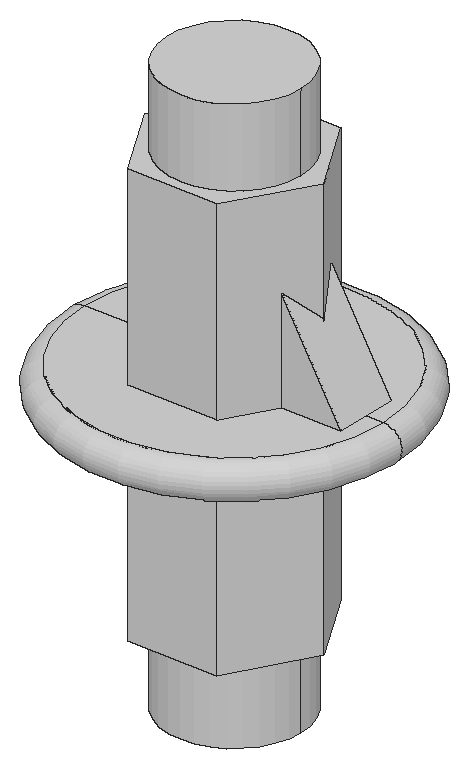
Revit family "EV_WATER STOP DW15_0230004", category Generic Models, Revit 2018
Family settings
  Can host rebar = No
  Round Connector Dimension = Use Diameter
  Part Type = Normal
  OmniClass Number = 35.51.14.00
  OmniClass Title = FORMWORK
  Work Plane-Based = Yes
  Always vertical = No
  Cut with Voids When Loaded = No
  Shared = Yes
  Room Calculation Point = No
Parameters
  VERSION = "20170217"  # constant formula
  URL = "www.ulmaconstruction.com/en"
  UNICLASS = ""
  Manufacturer = "ULMA CONSTRUCTION"  # constant formula
  ITEM_CODE = "0230004"
  FILTER [instance] = ""
  Default Elevation = 0.000 mm
  CLASSIFICATION_TITLE = ""
  CLASSIFICATION_NUMBER = ""
Reference planes
  plane 1 "Centro (Frontal/Posterior)": y = 0
  plane 2: z = 0
  plane 3 "Centro (Izquierda/Derecha)": x = 0
  plane 4: z = 7
Forms (mm)
  Extrusion 1, solid, material "ULMA ZINC", detail levels medium+fine
    sketch origin (0, 0, 0) x (1, 0, 0) y (0, 1, 0)
      loop
        line (8.66, 15) -> (-8.66, 15) -> (-17.321, 0) -> (-8.66, -15) -> (8.66, -15) -> (17.321, 0) -> (8.66, 15)
    from -37.5 to 44.5
  Extrusion 2, solid, material "ULMA ZINC", detail levels medium+fine
    sketch origin (0, 0, 0) x (1, 0, 0) y (0, 1, 0)
      loop
        circle (0, 0) r 13
    from -52.5 to 59.5
  Revolve 3, solid, material "ULMA ZINC", detail levels medium+fine
    sketch origin (0, 0, 0) x (1, 0, 0) y (0, 0, 1)
      loop
        line (0, 7) -> (-29, 7)
        arc (-29, 7) -> (-32.5, 3.5) -> (-29, 0) r 3.5
        line (-29, 0) -> (0, 0) -> (0, 7)
      axis (0, 7) -> (0, 0)
    angle from 0 to 360
  Extrusion 4, solid, material "ULMA ZINC", detail levels medium+fine
    sketch origin (0, 0, 0) x (1, 0, 0) y (0, 0, 1)
      loop
        line (13.856, 7) -> (25.5, 7) -> (13.856, 27) -> (13.856, 7)
    from -6 to 6
Lines and regions (mm)
  model lines, style "ULMA CONSUMABLES", detail levels medium+fine
    curve 1: line (8.66, 15, 0) -> (-8.66, 15, 0)
    curve 2: line (-8.66, 15, 0) -> (-17.321, 0, 0)
    curve 3: line (-17.321, 0, 0) -> (-8.66, -15, 0)
    curve 4: line (-8.66, -15, 0) -> (8.66, -15, 0)
    curve 5: line (8.66, -15, 0) -> (17.321, 0, 0)
    curve 6: line (17.321, 0, 0) -> (8.66, 15, 0)
    curve 7: line (8.66, 15, 7) -> (-8.66, 15, 7)
    curve 8: line (-8.66, 15, 7) -> (-17.321, 0, 7)
    curve 9: line (-17.321, 0, 7) -> (-8.66, -15, 7)
    curve 10: line (-8.66, -15, 7) -> (8.66, -15, 7)
    curve 11: line (8.66, -15, 7) -> (17.321, 0, 7)
    curve 12: line (17.321, 0, 7) -> (8.66, 15, 7)
    curve 13: circle (0, 0, 59.5) r 8.8 normal (0, 0, 1)
    curve 14: circle (0, 0, -52.5) r 8.8 normal (0, 0, 1)
Dimensions and locks
  locked: plane 4 to plane 2 at 7
  aligned and locked: level to plane 2
